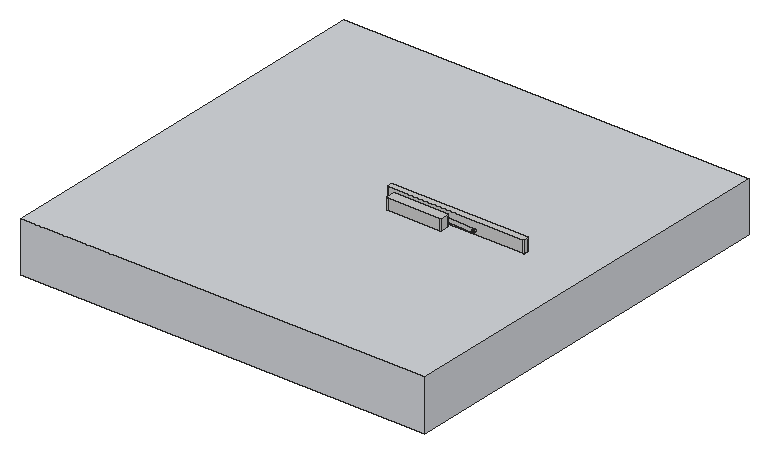
Revit family "Doors - Hardware_Door_Dormakaba_TS98XEA + G-EMR Ubivis", category Allgemeines Modell, Revit 2016
Family settings
  Basisbauteil = Fläche
  Teiletyp = Normal
  Kann Basisbauteil für Bewehrung sein = Nein
  Bemaßung runder Anschluss = Durchmesser verwenden
  OmniClass-Nummer = 23.30.40.11.27.11
  OmniClass-Titel = Door Closers
  Beim Laden mit Abzugskörper schneiden = Nein
  Gemeinsam genutzt = Nein
  Raumberechnungspunkt = Nein
Parameters
  Youtube clip = ""
  Weight Net (Kg) = "3.8"
  Uniformat II Description = ""
  Uniformat II Code = ""
  Uniclass 2015 Name = "Uncontrolled door closers"
  Uniclass 2015 Code = "Pr_30_36_59_92"
  Uniclass 2.0 Description = ""
  Uniclass 2.0 Code = ""
  Uniclass 1.4 Description = "Door closers"
  Uniclass 1.4 Code = "L41812"
  UNSPSC Code = ""
  Technical description = ""
  Push Side Door = TS98XEA-G-EMR Ubivis-1_Push-Side-Door-Fixing : TS98XEA-G-EMR Ubivis-1_Push-Side-Door-Fixing
  Pull Side Door = TS98XEA-G-EMR Ubivis-1_Pull-Side-Door_Fixing : TS98XEA-G-EMR Ubivis-1_Pull-Side-Door_Fixing
  Product url = "http://www.dorma.com/gb/en/products/opening_closing/door_closers/index-23222-23225.html"
  Product certification = ""
  Product SKU = "g-emr_ubivis_xea"
  Primary Material = Aluminium-Dormakaba-Anodized Silver
  Opening Angle = 0.00°
  OmniClass Description = "Door Closers"
  OmniClass Code = "23-17 19 11 19 11"
  Nominal width = 827 mm
  Nominal height = 34 mm
  NBS Reference Description = "Door Hardware Systems"
  NBS Reference Code = "25-38-20-20"
  Max Depth Jamb to Door = if(and(Door Closer Types = Pull Side Door, Depth Jamb to Door > 26 mm), 26 mm, if(and(Door Closer Types = Push Side Door, Depth Jamb to Door > 26 mm), 16 mm, Depth Jamb to Door))  # 0 mm
  Material secondary = "Plastic"
  Material main = "Aluminium"
  Manufacturer name = "DORMA"
  Manufacturer country = "Germany"
  Installation instructions = ""
  Front Position Closer Height = if(Door Closer Types = Pull Side Door, 4 mm, 17 mm)  # 17 mm
  Edition number = 1
  EAN code = "https://4048442636865"
  Door Closer Types = TS98XEA-G-EMR Ubivis-1_Push-Side-Door-Fixing : TS98XEA-G-EMR Ubivis-1_Push-Side-Door-Fixing
  Design country = "Germany"
  Depth Jamb to Door = 0 mm
  Default Elevation = 1219.2 mm
  Date of publishing = ""
  Clearance Visibility [instance] = yes
  Brand url = "http://www.dormakaba.com"
  A clearance = if(Door Closer Types = Push Side Door, Max Depth Jamb to Door + 75 mm, Max Depth Jamb to Door + 75 mm)  # 75 mm
Reference planes
  plane 1 "Center (Front/Back)": y = 0
  plane 2: z = 0
  plane 3 "Center (Left/Right)": x = 0
  plane 4: x = 74.5
  plane 5: y = -17
  plane 6: z = 0
Forms (mm)
  Extrusion 1, solid
    sketch origin (0, 0, 0) x (1, 0, 0) y (0, 1, 0)
      loop
        line (-1219.2, 1219.2) -> (-1219.2, -1219.2) -> (1219.2, -1219.2) -> (1219.2, 1219.2) -> (-1219.2, 1219.2)
    from 0 to -304.8
Dimensions and locks
  "Front Position Closer Height": plane 5 to plane 1 "Center (Front/Back)"
  locked: plane 3 "Center (Left/Right)" to plane 4 at 74.5
  "Max Depth Jamb to Door": plane 2 to plane 6
  aligned and locked: plane 2 to Extrusion 1
  aligned and locked: level to Extrusion 1
  aligned and locked: plane 3 "Center (Left/Right)" to nested 1
  aligned and locked: nested 1 to plane 5
  aligned and locked: nested 2 to plane 6
  aligned and locked: nested 1 to nested 2
Automatic sketch dimensions
  Extrusion 1 sketch curve to Extrusion 1 sketch curve = 2438.4 mm  (x2)
Nested families
  nested 1: "TS98XEA-G-EMR Ubivis-1_Push-Side-Door-Fixing" at (0, -17, 0), type <- "Door Closer Types", type "TS98XEA-G-EMR Ubivis-1_Push-Side-Door-Fixing"
  nested 2: "V2" at (0, 0, 0) x (1, 0, 0) z (0, -1, 0), visible <- "Clearance Visibility", type "V2"
    with a 75 mm
Definition of nested family "TS98XEA-G-EMR Ubivis-1_Push-Side-Door-Fixing"
  Parameters (values of type "TS98XEA-G-EMR Ubivis-1_Push-Side-Door-Fixing")
    visibility = yes
    Product data url = ""
    Primary Material = none
    Position Closer Control = if(Door Closer Position > 26 mm, 26 mm, Door Closer Position)  # 0 mm
    Operator distributed length = 845 mm
    Opening Angle = 0.00°
    Door Closer Position = 0 mm
    Default Elevation = 1219.2 mm
    Axis 2 V Rail = 20 mm  # constant formula
    Axis 2 H Rail = Operator distributed length - Axis 1 H Closer + (sqrt((373.9 mm) ^ 2 - (Axis 1 V Closer - Axis 2 V Rail) ^ 2))  # 542.884 mm
    Axis 1 H Closer = Operator distributed length - (172.7 mm * cos(Opening Angle - 11.689°))  # 675.882 mm
    Axis 1 V Closer = 172.7 mm * sin(Opening Angle - 11.689°) + 65 mm  # 30.011 mm
  Reference planes
    plane 1 "Center (Front/Back)": y = 0
    plane 2: z = 0
    plane 3 "Center (Left/Right)": x = 0
    plane 4: x = 169.118
    plane 5: x = 549.918
    plane 6: z = 0
    plane 7: x = 845
    plane 8: x = 542.884
    plane 9: z = 20
    plane 10: z = 65
    plane 11: z = 34.989
    plane 12: x = 74.5
    plane 13: z = 75
  Forms (mm)
    Extrusion 1, solid
      sketch origin (0, 0, 0) x (1, 0, 0) y (0, 1, 0)
        loop
          line (-1219.2, 1219.2) -> (-1219.2, -1219.2) -> (1219.2, -1219.2) -> (1219.2, 1219.2) -> (-1219.2, 1219.2)
      from 0 to -304.8
    Extrusion 2, solid, material <- "Primary Material"
      sketch origin (0, 0, 0) x (1, 0, 0) y (0, 1, 0)
        loop
          line (837.988, 49.801) -> (25.8, 49.801)
          arc (25.8, 49.801) -> (20.85, 47.751) -> (18.8, 42.801) r 7
          line (18.8, 42.801) -> (18.8, 22.801)
          arc (18.8, 22.801) -> (20.85, 17.851) -> (25.8, 15.801) r 7
          line (25.8, 15.801) -> (838.3, 15.801)
          arc (838.3, 15.801) -> (842.472, 17.18) -> (845, 20.774) r 7
          line (845, 20.774) -> (845, 42.789)
          arc (845, 42.789) -> (842.946, 47.747) -> (837.988, 49.801) r 7.012
      from 0 to 75
    Sweep 3, solid, material <- "Primary Material"
      path origin (542.884, 0, 20) x (-0.999197, 0, 0.04007) y (-0.04007, 0, -0.999197)
        loop
          line (0, 0) -> (374.066, 0)
      profile origin (356.001, 0, 27.494) x (-0.04007, 0, -0.999197) y (0, -1, 0)
        loop
          line (11, -9.275) -> (-11, -9.275) -> (-11, -14.275) -> (11, -14.275) -> (11, -9.275)
    Extrusion 4, solid, material <- "Primary Material"
      sketch origin (542.884, 0, 20) x (-0.999197, 0, 0.04007) y (-0.04007, 0, -0.999197)
        loop
          circle (374.066, 0) r 11
      from -9.275 to 0
    Extrusion 5, solid, material <- "Primary Material"
      sketch origin (542.884, 0, 20) x (-0.999197, 0, 0.04007) y (-0.04007, 0, -0.999197)
        loop
          circle (374.066, 0) r 11
      from -14.275 to -9.275
    Extrusion 6, solid, material <- "Primary Material"
      sketch origin (542.884, 0, 20) x (-0.999197, 0, 0.04007) y (-0.04007, 0, -0.999197)
        loop
          circle (0, 0) r 11
      from -14.275 to -9.275
    Extrusion 7, solid, material <- "Primary Material"
      sketch origin (542.884, 0, 20) x (-0.999197, 0, 0.04007) y (-0.04007, 0, -0.999197)
        loop
          circle (0, 0) r 6.5
      from -15.801 to -14.275
    Extrusion 8, solid, material <- "Primary Material"
      sketch origin (542.884, 0, 20) x (-0.999197, 0, 0.04007) y (-0.04007, 0, -0.999197)
        loop
          circle (0, 0) r 6
      from -9.275 to -8.275
  Cuts and joins
    joined: Sweep 3, Extrusion 5, Extrusion 6
  Lines and regions (mm)
    reference lines
      curve 1: line (0, 0, 0) -> (845, 0, 0)
      curve 2: line (542.884, 0, 20) -> (169.118, 0, 34.989)
    symbolic lines, visible <- "visibility"
      curve 3: line (845, -60, 0) -> (0, -60, 0)
      curve 4: line (0, 49.801, 0) -> (845, 49.801, 0)
      curve 5: line (845, 49.801, 0) -> (845, -60, 0)
      curve 6: line (0, -60, 0) -> (0, 49.801, 0)
      curve 7: line (0, -60, 0) -> (0, -60, 75)
      curve 8: line (0, -60, 75) -> (0, 49.801, 75)
      curve 9: line (0, 49.801, 75) -> (0, 49.801, 0)
      curve 10: line (0, 49.801, 0) -> (0, -60, 0)
  Dimensions and locks
    "Door Closer Position": level to plane 6
    "Operator distributed length": plane 7 to plane 3 "Center (Left/Right)"
    "Axis 2 H Rail": plane 8 to plane 3 "Center (Left/Right)"
    locked: plane 9 to plane 2 at 20
    "Axis 1 H Closer": plane 7 to plane 4
    locked: plane 10 to plane 6 at 65
    "Axis 1 V Closer": plane 10 to plane 11
    locked: plane 3 "Center (Left/Right)" to plane 12 at 74.5
    locked: plane 13 to plane 2 at 75
    radius of Extrusion 7 sketch curve = 6.5 mm
    radius of Extrusion 8 sketch curve = 6 mm
    "Opening Angle": angle curve 1 to plane 6
    aligned and locked: plane 2 to Extrusion 1
    aligned and locked: level to Extrusion 1
    aligned and locked: plane 3 "Center (Left/Right)" to curve 1
    aligned and locked: plane 4 to curve 2
    aligned and locked: plane 11 to curve 2
    aligned and locked: plane 9 to curve 2
    aligned and locked: plane 8 to curve 2
    aligned and locked: plane 3 "Center (Left/Right)" to nested 1
    aligned and locked: plane 6 to nested 1
    aligned and locked: nested 1 to plane 1 "Center (Front/Back)"
    aligned and locked: plane 13 to curve 8
    aligned and locked: curve 10 to plane 6
  Automatic sketch dimensions
    Extrusion 1 sketch curve to Extrusion 1 sketch curve = 2438.4 mm  (x2)
    Sweep 3 sketch curve to profile plane = 9.275 mm
    profile plane to Sweep 3 sketch curve = 11 mm
    Sweep 3 sketch curve to profile plane = 14.275 mm
    Sweep 3 sketch curve to profile plane = 11 mm
    curve 2 to Extrusion 4 sketch curve = 0 mm
    Extrusion 4 sketch curve to curve 2 = 0 mm
    curve 2 to Extrusion 5 sketch curve = 0 mm
    Extrusion 5 sketch curve to curve 2 = 0 mm
    Sweep 3 sketch curve to curve 2 = 0 mm  (x3)
    Extrusion 6 sketch curve to curve 2 = 0 mm  (x2)
    Extrusion 7 sketch curve to curve 2 = 0 mm  (x2)
    Extrusion 8 sketch curve to curve 2 = 0 mm  (x2)
    curve 6 to plane 3 "Center (Left/Right)" = 0 mm
    curve 5 to plane 7 = 0 mm
    plane 1 "Center (Front/Back)" to curve 5 = 60 mm
    curve 5 to plane 1 "Center (Front/Back)" = 49.801 mm
    plane 1 "Center (Front/Back)" to curve 7 = 60 mm
    curve 9 to plane 1 "Center (Front/Back)" = 49.801 mm
    Extrusion 2 sketch curve to plane 7 = 0 mm
    Extrusion 2 sketch curve to plane 7 = 6.7 mm
    Extrusion 2 sketch curve to plane 7 = 7.012 mm
    plane 3 "Center (Left/Right)" to Extrusion 2 sketch curve = 25.8 mm
    Extrusion 2 sketch curve to Extrusion 2 sketch curve = 0 mm  (x3)
    Extrusion 2 sketch curve to Extrusion 2 sketch curve = 7 mm  (x2)
    Extrusion 2 sketch curve to plane 1 "Center (Front/Back)" = 15.801 mm
    Extrusion 2 sketch curve to Extrusion 2 sketch curve = 19.988 mm
    curve 1 to level = 0 mm
    radius of Extrusion 4 sketch curve = 11 mm
    radius of Extrusion 5 sketch curve = 11 mm
    radius of Extrusion 6 sketch curve = 11 mm
  Nested families
    nested 1: "push" at (0, -60, 0), type "Family17"
  Definition of nested family "push"
    Parameters (values of type "Family17")
      Primary Material = none
      Angle = 0.00°
    Reference planes
      plane 1 "Center (Front/Back)": y = 0
      plane 2: z = 0
      plane 3 "Center (Left/Right)": x = 0
      plane 4: x = 74.5
      plane 5: x = 366
    Forms (mm)
      Sweep 1, solid, material <- "Primary Material"
        path origin (0, 0, 0) x (0, 0, 1) y (-1, 0, 0)
          loop
            line (0, 0) -> (65, 0)
        profile "Family18 : Family18" origin (0, 0, 32.5) x (-1, 0, 0) y (0, -1, 0)
          loop
            line (-79.689, 0) -> (-396.3, 0)
            arc (-396.3, 0) -> (-399.977, -1.523) -> (-401.5, -5.2) r 5.2
            line (-401.5, -5.2) -> (-401.5, -54.8)
            arc (-401.5, -54.8) -> (-399.977, -58.477) -> (-396.3, -60) r 5.2
            line (-396.3, -60) -> (-79.7, -60)
            arc (-79.7, -60) -> (-76.023, -58.477) -> (-74.5, -54.8) r 5.2
            line (-74.5, -54.8) -> (-74.5, -5.189)
            arc (-74.5, -5.189) -> (-76.02, -1.52) -> (-79.689, 0) r 5.189
    Lines and regions (mm)
      reference lines
        curve 1: line (0, 0, 0) -> (720, 0, 0)
        curve 2: line (0, 0, 0) -> (0, 0, 160)
    Dimensions and locks
      plane 4 to plane 3 "Center (Left/Right)" = 74.5 mm
      locked: Sweep 1 sketch curve to curve 1 at 65
      "Angle": angle curve 1 to plane 2
      angle curve 1 to curve 2 = 90.00°
      aligned and locked: level to plane 2
      aligned and locked: plane 3 "Center (Left/Right)" to curve 1
      aligned and locked: level to curve 1
      aligned and locked: curve 2 to plane 3 "Center (Left/Right)"
      aligned and locked: curve 2 to plane 2
      aligned and locked: plane 2 to Sweep 1 sketch curve
    Automatic sketch dimensions
      Sweep 1 sketch curve to curve 2 = 0 mm
Definition of nested family "V2"
  Parameters (values of type "V2")
    a = 65 mm
    Visible = yes
    D = 845 mm
  Reference planes
    plane 1 "Center (Front/Back)": y = 0
    plane 2: z = 0
    plane 3 "Center (Left/Right)": x = 0
  Lines and regions (mm)
    detail lines, in view "Ref. Level", visible <- "Visible"
      curve 1: line (0, 0, 0) -> (0, 65, 0)
      curve 2: line (0, 65, 0) -> (845, 65, 0)
      curve 3: line (845, 65, 0) -> (845, 0, 0)
      curve 4: line (845, 0, 0) -> (0, 0, 0)
  Dimensions and locks
    "a": curve 2 to curve 4
    "D": curve 1 to curve 3
  Automatic sketch dimensions
    curve 1 to plane 3 "Center (Left/Right)" = 0 mm
    plane 1 "Center (Front/Back)" to curve 4 = 0 mm
